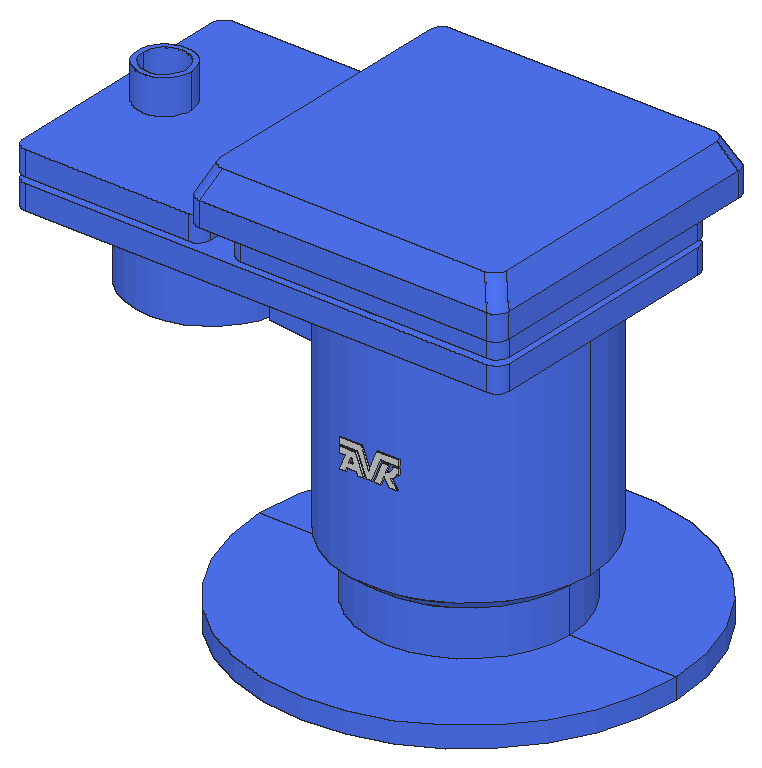
Revit family "851-45-001-DN50-200", category Pipe Accessories, Revit 2019
Family settings
  Round Connector Dimension = Use Diameter
  Part Type = Valve - Breaks Into
  Work Plane-Based = No
  Always vertical = Yes
  Cut with Voids When Loaded = No
  Shared = No
Parameters (values of type "DN200_PN16")
  W_ref_2 = W_ref * 1.1  # 233.75 mm
  W_ref = W / 1.2  # 212.5 mm
  W6 = size_lookup(Search_table, "W6", 0 mm, DN)  # 286 mm
  W1_ref = W1 / 1.15  # 110.435 mm
  W1 = size_lookup(Search_table, "W1", 0 mm, DN)  # 127 mm
  W = size_lookup(Search_table, "W", 0 mm, DN)  # 255 mm
  URL product pages = "https://www.avkvalves.com/P.aspx?no=85105045122000"
  Top_ref = Body_height + Bonnet_flange  # 270 mm
  Search_table = "851-45-001-DN50-200"
  RF_dia = size_lookup(Search_table, "RF_dia", 0 mm, DN) / 2  # 134 mm
  H3 = size_lookup(Search_table, "H3", 0 mm, DN)  # 345 mm
  Flange_dia = size_lookup(Search_table, "Flange_dia", 0 mm, DN) / 2  # 170 mm
  Fillet_thickness = 10 mm  # constant formula
  Description_ = "AVK DOUBLE ORIFICE AIR RELIEF VALVE"
  DN200_PN16 = "851-200-45-122000"
  DN150_PN10/16 = "851-150-45-122000"
  DN200_PN10 = "851-200-45-022000"
  DN100_PN10/16 = "851-100-45-122000"
  DN080_PN10/16 = "851-080-45-122000"
  DN050_PN10/16 = "851-050-45-122000"
  DN = 200.1 mm
  D_ref = D / 2  # 75 mm
  D = size_lookup(Search_table, "D", 0 mm, DN)  # 150 mm
  Bonnet_length = size_lookup(Search_table, "Bonnet_length", 0 mm, DN)  # 153 mm
  Bonnet_height = size_lookup(Search_table, "Bonnet_height", 0 mm, DN)  # 72 mm
  Bonnet_flange_2 = size_lookup(Search_table, "Bonnet_flange_2", 0 mm, DN)  # 28 mm
  Bonnet_flange = size_lookup(Search_table, "Bonnet_flange", 0 mm, DN)  # 20 mm
  Body_height_3 = Body_height_2 * 1.05  # 73.5 mm
  Body_height_2 = size_lookup(Search_table, "Body_height_2", 0 mm, DN)  # 70 mm
  Body_height_1 = size_lookup(Search_table, "Body_height_1", 0 mm, DN)  # 57 mm
  Body_height = size_lookup(Search_table, "Body_height", 0 mm, DN)  # 250 mm
  Body_dia_2 = size_lookup(Search_table, "Body_dia_2", 0 mm, DN)  # 63 mm
  Body_dia_1 = size_lookup(Search_table, "Body_dia_1", 0 mm, DN)  # 83 mm
  Body_dia = size_lookup(Search_table, "Body_dia", 0 mm, DN)  # 100 mm
Types (7, lengths in mm): name | W_ref_2 | W_ref | W6 | W1_ref | W1 | W | Top_ref | RF_dia | H3 | Flange_dia | DN | D_ref | D | Bonnet_length | Bonnet_height | Bonnet_flange_2 | Bonnet_flange | Body_height_3 | Body_height_2 | Body_height_1 | Body_height | Body_dia_2 | Body_dia_1 | Body_dia
  (no name) | 233.75 | 212.5 | 286 | 110.435 | 127 | 255 | 270 | 134 | 345 | 170 | 200.1 | 75 | 150 | 153 | 72 | 28 | 20 | 73.5 | 70 | 57 | 250 | 63 | 83 | 100
  DN050_PN10/16 | 151.25 | 137.5 | 220 | 71.304 | 82 | 165 | 217 | 51 | 277 | 82.5 | 50 | 25 | 50 | 140 | 79 | 19 | 13 | 141.75 | 135 | 88 | 204 | 56.5 | 31.5 | 57
  DN080_PN10/16 | 151.25 | 137.5 | 220 | 71.304 | 82 | 165 | 217 | 69 | 277 | 100 | 80 | 40 | 80 | 140 | 79 | 19 | 13 | 126 | 120 | 100 | 204 | 56.5 | 45.6 | 57
  DN100_PN10/16 | 187.917 | 170.833 | 248 | 88.696 | 102 | 205 | 217 | 79 | 283 | 110 | 100 | 50 | 100 | 140 | 80 | 25 | 13 | 67.2 | 64 | 51 | 204 | 57.5 | 57.5 | 80
  DN150_PN10/16 | 233.75 | 212.5 | 286 | 110.435 | 127 | 255 | 270 | 106 | 345 | 142.5 | 150 | 75 | 150 | 153 | 72 | 28 | 20 | 73.5 | 70 | 57 | 250 | 63 | 83 | 100
  DN200_PN10 | 233.75 | 212.5 | 286 | 110.435 | 127 | 255 | 270 | 134 | 345 | 170 | 200 | 75 | 150 | 153 | 72 | 28 | 20 | 73.5 | 70 | 57 | 250 | 63 | 83 | 100
  DN200_PN16 | 233.75 | 212.5 | 286 | 110.435 | 127 | 255 | 270 | 134 | 345 | 170 | 200.1 | 75 | 150 | 153 | 72 | 28 | 20 | 73.5 | 70 | 57 | 250 | 63 | 83 | 100
Reference planes
  plane 1 "Center (Front/Back)": y = 0
  plane 2: z = 0
  plane 3 "Center (Left/Right)": x = 0
  plane 4: z = 345
  plane 5: x = 127
  plane 6: x = -286
  plane 7: x = 110.435
  plane 8: y = 106.25
  plane 9: y = -106.25
  plane 10: x = -276
  plane 11: y = 96.25
  plane 12: y = -96.25
  plane 13: x = -276
  plane 14: x = 100.435
  plane 15: y = -96.25
  plane 16: x = 100.435
  plane 17: y = 96.25
  plane 18: z = 270
  plane 19: z = 250
  plane 20: z = 275
  plane 21: x = -82.783
  plane 22: x = 100.435
  plane 23: y = 96.25
  plane 24: y = -96.25
  plane 25: x = 100.435
  plane 26: y = 127.5
  plane 27: y = -127.5
  plane 28: x = -127
  plane 29: y = 117.5
  plane 30: x = 117
  plane 31: x = -117
  plane 32: y = 117.5
  plane 33: y = -117.5
  plane 34: x = 117
  plane 35: x = -117
  plane 36: y = -117.5
  plane 37: y = 116.875
  plane 38: y = -116.875
  plane 39: x = -116.875
  plane 40: x = 116.875
  plane 41: x = -106.875
  plane 42: y = 106.875
  plane 43: x = 106.875
  plane 44: y = 106.875
  plane 45: y = -106.875
  plane 46: x = 106.875
  plane 47: x = -106.875
  plane 48: y = -106.875
  plane 49: z = 303
  plane 50: x = -110.435
  plane 51: x = -100.435
  plane 52: y = 96.25
  plane 53: x = -100.435
  plane 54: y = -96.25
  plane 55: x = -133
  plane 56: y = 96.25
  plane 57: y = -96.25
  plane 58: x = -143
  plane 59: x = -143
  plane 60: z = 295
  plane 61: x = -133
  plane 62: x = -209.5
  plane 63: z = 178
  plane 64: x = -146.5
  plane 65: z = 163
  plane 66: y = 19
  plane 67: y = -19
  plane 68: x = -247.75
Forms (mm)
  Revolve 1, solid, material "Plastic"
    sketch origin (0, 0, 0) x (1, 0, 0) y (0, 0, 1)
      loop
        line (0, 0) -> (134, 0) -> (134, 3.046) -> (170, 3.046) -> (170, 20) -> (83, 20) -> (83, 57) -> (100, 70) -> (100, 275) -> (0, 275) -> (0, 0)
      axis (0, 0) -> (0, 275)
    angle from 0 to 360
  Extrusion 2, solid, material "Plastic"
    sketch origin (0, 0, 0) x (1, 0, 0) y (0, 1, 0)
      loop
        line (100.435, 106.25) -> (-276, 106.25)
        arc (-276, 106.25) -> (-283.071, 103.321) -> (-286, 96.25) r 10
        line (-286, 96.25) -> (-286, -96.25)
        arc (-286, -96.25) -> (-283.071, -103.321) -> (-276, -106.25) r 10
        line (-276, -106.25) -> (100.435, -106.25)
        arc (100.435, -106.25) -> (107.506, -103.321) -> (110.435, -96.25) r 10
        line (110.435, -96.25) -> (110.435, 96.25)
        arc (110.435, 96.25) -> (107.506, 103.321) -> (100.435, 106.25) r 10
    from 250 to 270
  Extrusion 3, solid, material "Plastic"
    sketch origin (0, 0, 0) x (1, 0, 0) y (0, 1, 0)
      loop
        line (100.435, 106.25) -> (-100.435, 106.25)
        arc (-100.435, 106.25) -> (-107.506, 103.321) -> (-110.435, 96.25) r 10
        line (-110.435, 96.25) -> (-110.435, -96.25)
        arc (-110.435, -96.25) -> (-107.506, -103.321) -> (-100.435, -106.25) r 10
        line (-100.435, -106.25) -> (100.435, -106.25)
        arc (100.435, -106.25) -> (107.506, -103.321) -> (110.435, -96.25) r 10
        line (110.435, -96.25) -> (110.435, 96.25)
        arc (110.435, 96.25) -> (107.506, 103.321) -> (100.435, 106.25) r 10
    from 275 to 303
  Extrusion 4, solid, material "Plastic"
    sketch origin (0, 0, 0) x (1, 0, 0) y (0, 1, 0)
      loop
        arc (-117, 127.5) -> (-124.071, 124.571) -> (-127, 117.5) r 10
        line (-127, 117.5) -> (-127, -117.5)
        arc (-127, -117.5) -> (-124.071, -124.571) -> (-117, -127.5) r 10
        line (-117, -127.5) -> (117, -127.5)
        arc (117, -127.5) -> (124.071, -124.571) -> (127, -117.5) r 10
        line (127, -117.5) -> (127, 117.5)
        arc (127, 117.5) -> (124.071, 124.571) -> (117, 127.5) r 10
        line (117, 127.5) -> (-117, 127.5)
    from 303 to 323
  SweptBlend 5, solid, material "Plastic"
    path origin (0, 0, 0) x (1, 0, 0) y (0, 0, 1)
      loop
        line (0, 323) -> (0, 345)
    profile origin (0, 0, 323) x (-1, 0, 0) y (0, -1, 0)
      loop
        line (-117, -127.5) -> (117, -127.5)
        arc (117, -127.5) -> (124.071, -124.571) -> (127, -117.5) r 10
        line (127, -117.5) -> (127, 117.5)
        arc (127, 117.5) -> (124.071, 124.571) -> (117, 127.5) r 10
        line (117, 127.5) -> (-117, 127.5)
        arc (-117, 127.5) -> (-124.071, 124.571) -> (-127, 117.5) r 10
        line (-127, 117.5) -> (-127, -117.5)
        arc (-127, -117.5) -> (-124.071, -124.571) -> (-117, -127.5) r 10
    end profile origin (0, 0, 345) x (-1, 0, 0) y (0, -1, 0)
      loop
        arc (106.875, -116.875) -> (113.946, -113.946) -> (116.875, -106.875) r 10
        line (116.875, -106.875) -> (116.875, 106.875)
        arc (116.875, 106.875) -> (113.946, 113.946) -> (106.875, 116.875) r 10
        line (106.875, 116.875) -> (-106.875, 116.875)
        arc (-106.875, 116.875) -> (-113.946, 113.946) -> (-116.875, 106.875) r 10
        line (-116.875, 106.875) -> (-116.875, -106.875)
        arc (-116.875, -106.875) -> (-113.946, -113.946) -> (-106.875, -116.875) r 10
        line (-106.875, -116.875) -> (106.875, -116.875)
  Extrusion 6, solid, material "Plastic"
    sketch origin (0, 0, 0) x (1, 0, 0) y (0, 1, 0)
      loop
        line (-276, -106.25) -> (-143, -106.25)
        arc (-143, -106.25) -> (-135.929, -103.321) -> (-133, -96.25) r 10
        line (-133, -96.25) -> (-133, 96.25)
        arc (-133, 96.25) -> (-135.929, 103.321) -> (-143, 106.25) r 10
        line (-143, 106.25) -> (-276, 106.25)
        arc (-276, 106.25) -> (-283.071, 103.321) -> (-286, 96.25) r 10
        line (-286, 96.25) -> (-286, -96.25)
        arc (-286, -96.25) -> (-283.071, -103.321) -> (-276, -106.25) r 10
    from 275 to 295
  Revolve 7, solid, material "Plastic"
    sketch origin (0, 0, 0) x (1, 0, 0) y (0, 0, 1)
      loop
        line (-209.5, 275) -> (-209.5, 178) -> (-146.5, 178) -> (-146.5, 275) -> (-209.5, 275)
      axis (-209.5, 178) -> (-209.5, 275)
    angle from 0 to 360
  Extrusion 8, solid, material "Plastic"
    sketch origin (0, 0, 0) x (1, 0, 0) y (0, 0, 1)
      loop
        line (-146.5, 250) -> (-146.5, 178) -> (0, 163) -> (0, 250) -> (-146.5, 250)
    from -19 to 19
  Extrusion 9, solid, material "Plastic"
    sketch origin (0, 0, 0) x (1, 0, 0) y (0, 1, 0)
      loop
        circle (-247.75, 0) r 22
      loop
        circle (-247.75, 0) r 18
    from 295 to 323
  Revolve 10, void
    sketch origin (0, 0, 0) x (1, 0, 0) y (0, 0, 1)
      loop
        line (0, 0) -> (75, 0) -> (75, 163) -> (0, 163) -> (0, 0)
      axis (0, 0) -> (0, 163)
    angle from 0 to 360
Cuts and joins
  Revolve 10 cuts Revolve 1
Dimensions and locks
  "RF_dia": Revolve 1 sketch curve to plane 3 "Center (Left/Right)"
  "Flange_dia": Revolve 1 sketch curve to plane 3 "Center (Left/Right)"
  locked: Revolve 1 sketch curve to level at 3.046
  "Body_height_1": Revolve 1 sketch curve to level
  "Body_height_2": Revolve 1 sketch curve to level
  "Body_dia_1": Revolve 1 sketch curve to plane 3 "Center (Left/Right)"
  "Body_dia": Revolve 1 sketch curve to plane 3 "Center (Left/Right)"
  "H3": plane 4 to level
  "W6": plane 6 to plane 3 "Center (Left/Right)"
  "W1": plane 3 "Center (Left/Right)" to plane 5
  "W1_ref": plane 3 "Center (Left/Right)" to plane 7
  equal spacing: plane 8, plane 1 "Center (Front/Back)", plane 9
  "W_ref": plane 8 to plane 9
  "Fillet_thickness": plane 6 to plane 10
  "Fillet_thickness": plane 16 to plane 7
  "Fillet_thickness": plane 9 to plane 12
  "Fillet_thickness": plane 6 to plane 13
  "Fillet_thickness": plane 14 to plane 7
  "Fillet_thickness": plane 15 to plane 9
  "Fillet_thickness": plane 8 to plane 17
  "Fillet_thickness": plane 11 to plane 8
  "Body_height": plane 19 to level
  "Top_ref": plane 18 to level
  locked: plane 20 to plane 18 at 5
  plane 6 to plane 7 = 396.435 mm
  "Fillet_thickness": plane 22 to plane 7
  "Fillet_thickness": plane 8 to plane 23
  "Fillet_thickness": plane 24 to plane 9
  "Fillet_thickness": plane 25 to plane 7
  plane 18 to plane 19 = 20 mm
  equal spacing: plane 26, plane 1 "Center (Front/Back)", plane 27
  "W": plane 26 to plane 27
  equal spacing: plane 28, plane 3 "Center (Left/Right)", plane 5
  "Fillet_thickness": plane 30 to plane 5
  "Fillet_thickness": plane 28 to plane 31
  "Fillet_thickness": plane 33 to plane 27
  "Fillet_thickness": plane 34 to plane 5
  "Fillet_thickness": plane 28 to plane 35
  "Fillet_thickness": plane 36 to plane 27
  "Fillet_thickness": plane 32 to plane 26
  "Fillet_thickness": plane 26 to plane 29
  equal spacing: plane 37, plane 1 "Center (Front/Back)", plane 38
  "W_ref_2": plane 37 to plane 38
  equal spacing: plane 39, plane 3 "Center (Left/Right)", plane 40
  "W_ref_2": plane 39 to plane 40
  "Fillet_thickness": plane 39 to plane 41
  "Fillet_thickness": plane 43 to plane 40
  "Fillet_thickness": plane 37 to plane 44
  "Fillet_thickness": plane 37 to plane 42
  "Fillet_thickness": plane 46 to plane 40
  "Fillet_thickness": plane 45 to plane 38
  "Fillet_thickness": plane 48 to plane 38
  "Fillet_thickness": plane 39 to plane 47
  "Bonnet_flange_2": plane 49 to plane 20
  "Bonnet_flange": Extrusion 4 to plane 49
  equal spacing: plane 50, plane 3 "Center (Left/Right)", plane 7
  "Fillet_thickness": plane 50 to plane 51
  "Fillet_thickness": plane 50 to plane 53
  "Fillet_thickness": plane 54 to plane 9
  "Fillet_thickness": plane 52 to plane 8
  "Fillet_thickness": plane 58 to plane 55
  "Fillet_thickness": plane 8 to plane 56
  "Fillet_thickness": plane 57 to plane 9
  "Fillet_thickness": plane 59 to plane 55
  "Bonnet_length": plane 6 to plane 55
  "Bonnet_flange": plane 60 to plane 20
  equal spacing: plane 61, plane 62, plane 6
  "Body_dia_2": plane 62 to Revolve 7 sketch curve
  "Bonnet_height": plane 19 to Revolve 7 sketch curve
  "Bonnet_height": plane 19 to plane 63
  "Body_dia_2": plane 62 to plane 64
  locked: plane 63 to plane 65 at 15
  equal spacing: plane 66, plane 1 "Center (Front/Back)", plane 67
  locked: plane 66 to plane 67 at 38
  equal spacing: plane 6, plane 68, plane 62
  equal spacing: plane 6, Extrusion 9 sketch curve, plane 62
  equal spacing: plane 8, Extrusion 9 sketch curve, plane 9
  "D_ref": Revolve 10 sketch curve to plane 3 "Center (Left/Right)"
  radius of Extrusion 9 sketch curve = 22 mm
  radius of Extrusion 9 sketch curve = 18 mm
  aligned and locked: level to plane 2
  aligned and locked: Revolve 1 sketch curve to plane 3 "Center (Left/Right)"
  aligned and locked: Revolve 1 sketch curve to Revolve 1 sketch curve
  aligned and locked: Revolve 1 sketch curve to level
  aligned and locked: plane 8 to Extrusion 2 sketch curve
  aligned and locked: Extrusion 2 sketch curve to plane 10
  aligned and locked: Extrusion 2 sketch curve to plane 11
  aligned and locked: plane 6 to Extrusion 2 sketch curve  (x2)
  aligned and locked: Extrusion 2 sketch curve to plane 12
  aligned and locked: plane 9 to Extrusion 2 sketch curve  (x2)
  aligned and locked: Extrusion 2 sketch curve to plane 13
  aligned and locked: Extrusion 2 sketch curve to plane 14
  aligned and locked: Extrusion 2 sketch curve to plane 15
  aligned and locked: plane 7 to Extrusion 2 sketch curve
  aligned and locked: plane 18 to Extrusion 2
  aligned and locked: Extrusion 2 to plane 19
  aligned and locked: plane 8 to Extrusion 3 sketch curve  (x2)
  aligned and locked: Extrusion 3 sketch curve to plane 25
  aligned and locked: plane 9 to Extrusion 3 sketch curve  (x2)
  aligned and locked: plane 7 to Extrusion 3 sketch curve  (x2)
  aligned and locked: Extrusion 3 sketch curve to plane 24
  aligned and locked: Extrusion 3 sketch curve to plane 23
  aligned and locked: Extrusion 3 sketch curve to plane 22
  aligned and locked: plane 20 to Extrusion 3
  aligned and locked: Extrusion 4 sketch curve to plane 36
  aligned and locked: Extrusion 4 sketch curve to plane 28
  aligned and locked: Extrusion 4 sketch curve to plane 35
  aligned and locked: plane 27 to Extrusion 4 sketch curve
  aligned and locked: Extrusion 4 sketch curve to plane 33
  aligned and locked: plane 5 to Extrusion 4 sketch curve
  aligned and locked: Extrusion 4 sketch curve to plane 27
  aligned and locked: Extrusion 4 sketch curve to plane 34
  aligned and locked: Extrusion 4 sketch curve to plane 32
  aligned and locked: plane 28 to Extrusion 4 sketch curve
  aligned and locked: Extrusion 4 sketch curve to plane 31
  aligned and locked: plane 26 to Extrusion 4 sketch curve
  aligned and locked: Extrusion 4 sketch curve to plane 30
  aligned and locked: Extrusion 4 sketch curve to plane 26
  aligned and locked: Extrusion 4 sketch curve to plane 29
  aligned and locked: Extrusion 4 sketch curve to plane 5
  aligned and locked: Extrusion 4 to Extrusion 3
  aligned and locked: plane 4 to SweptBlend 5 sketch curve
  aligned and locked: plane 3 "Center (Left/Right)" to SweptBlend 5 sketch curve
  aligned and locked: SweptBlend 5 sketch curve to Extrusion 4  (x4)
  aligned and locked: plane 41 to SweptBlend 5 sketch curve
  aligned and locked: plane 37 to SweptBlend 5 sketch curve
  aligned and locked: SweptBlend 5 sketch curve to plane 42
  aligned and locked: plane 39 to SweptBlend 5 sketch curve  (x2)
  aligned and locked: plane 43 to SweptBlend 5 sketch curve
  aligned and locked: SweptBlend 5 sketch curve to plane 37
  aligned and locked: SweptBlend 5 sketch curve to plane 44
  aligned and locked: plane 40 to SweptBlend 5 sketch curve  (x2)
  aligned and locked: SweptBlend 5 sketch curve to plane 45
  aligned and locked: SweptBlend 5 sketch curve to plane 46
  aligned and locked: SweptBlend 5 sketch curve to plane 38
  aligned and locked: plane 47 to SweptBlend 5 sketch curve
  aligned and locked: plane 38 to SweptBlend 5 sketch curve
  aligned and locked: SweptBlend 5 sketch curve to plane 48
  aligned and locked: plane 49 to Extrusion 3
  aligned and locked: Extrusion 4 to SweptBlend 5 sketch curve
  aligned and locked: plane 51 to Extrusion 3 sketch curve
  aligned and locked: plane 50 to Extrusion 3 sketch curve  (x2)
  aligned and locked: plane 52 to Extrusion 3 sketch curve
  aligned and locked: plane 54 to Extrusion 3 sketch curve
  aligned and locked: plane 53 to Extrusion 3 sketch curve
  aligned and locked: Extrusion 6 sketch curve to Extrusion 2  (x2)
  aligned and locked: Extrusion 2 to Extrusion 6 sketch curve
  aligned and locked: plane 55 to Extrusion 6 sketch curve  (x2)
  aligned and locked: Extrusion 6 sketch curve to plane 56
  aligned and locked: plane 58 to Extrusion 6 sketch curve
  aligned and locked: plane 57 to Extrusion 6 sketch curve
  aligned and locked: plane 59 to Extrusion 6 sketch curve
  aligned and locked: plane 9 to Extrusion 6 sketch curve
  aligned and locked: Extrusion 6 to plane 20
  aligned and locked: plane 60 to Extrusion 6
  aligned and locked: plane 61 to Extrusion 6
  aligned and locked: Revolve 7 sketch curve to plane 62
  aligned and locked: Revolve 7 sketch curve to Revolve 7 sketch curve
  aligned and locked: Extrusion 8 sketch curve to plane 19
  aligned and locked: Extrusion 8 sketch curve to plane 64
  aligned and locked: plane 3 "Center (Left/Right)" to Extrusion 8 sketch curve
  aligned and locked: plane 63 to Extrusion 8 sketch curve
  aligned and locked: plane 65 to Extrusion 8 sketch curve
  aligned and locked: Extrusion 8 to plane 66
  aligned and locked: plane 67 to Extrusion 8
  aligned and locked: Revolve 1 to plane 20
  aligned and locked: plane 20 to Revolve 7 sketch curve
  aligned and locked: plane 60 to Extrusion 9
  aligned and locked: nested 1 to plane 3 "Center (Left/Right)"
  aligned and locked: SweptBlend 5 to Extrusion 9
  aligned and locked: Revolve 10 sketch curve to Revolve 1
  aligned and locked: Revolve 10 sketch curve to plane 3 "Center (Left/Right)"
  aligned and locked: Revolve 10 sketch curve to plane 65
  aligned and locked: Revolve 10 sketch curve to Revolve 10 sketch curve
Automatic sketch dimensions
  Extrusion 9 sketch curve to Extrusion 9 sketch curve = 0 mm  (x2)
  Revolve 1 sketch curve to plane 20 = 0 mm
  Revolve 1 sketch curve to Revolve 1 sketch curve = 16.954 mm
  level to Revolve 1 sketch curve = 46 mm
  Revolve 1 sketch curve to Revolve 1 sketch curve = 20 mm
  plane 11 to Extrusion 2 sketch curve = 0 mm
  level to Revolve 7 sketch curve = 54.25 mm
  Revolve 7 sketch curve to Revolve 7 sketch curve = 20 mm
  Revolve 10 sketch curve to Revolve 10 sketch curve = 28.5 mm
  Revolve 10 sketch curve to plane 65 = 1.5 mm
Nested families
  nested 1: "LOGO - Copy - Copy" at (0, -100, 136.818) x (1, 0, 0) z (0, -1, 0), type "LOGO - Copy - Copy"
Connectors
  piping at (0, 0, 0), diameter 150, driven by "D"
    settings: on Revolve 1, index 1, connector inside diameter 609.6 mm, connector length 0 mm, flow factor 0, pipe flow 0.0 L/s, pressure drop 0.0 Pa, fitting loss kfactor 0, connector angle 0.00°, fixture units 0, engagement length 0 mm, angle of deflection 0.00°, flow configuration 0, flow direction 0, fitting loss method 0, system type 7, joint type 0, gender type 0, connector reference index -1, connector utility 0, adjustable connector no, is connector primary yes, connector description ""
Definition of nested family "LOGO - Copy - Copy"
  Parameters (values of type "LOGO - Copy - Copy")
    Default Elevation = 1219.2 mm
  Reference planes
    plane 1 "Center (Front/Back)": y = 0
    plane 2: z = 0
    plane 3 "Center (Left/Right)": x = 0
  Forms (mm)
    Extrusion 1, solid
      sketch origin (0, 0, 0) x (1, 0, 0) y (0, 1, 0)
        loop
          line (-1219.2, 1219.2) -> (-1219.2, -1219.2) -> (1219.2, -1219.2) -> (1219.2, 1219.2) -> (-1219.2, 1219.2)
      from 0 to -304.8
    Extrusion 2, solid
      sketch origin (0, 0, 0) x (1, 0, 0) y (0, 1, 0)
        loop
          line (-6.514, 34.224) -> (-24, 34.224) -> (-24, 29.481) -> (-9.766, 29.481) -> (-2.391, 11.367) -> (2.391, 11.367) -> (9.766, 29.481) -> (24, 29.481) -> (24, 34.224) -> (6.514, 34.224) -> (0, 18.224) -> (-6.514, 34.224)
        loop
          line (-10.996, 27.653) -> (-24, 27.653) -> (-24, 23.081) -> (-19.503, 23.081) -> (-24, 11.367) -> (-18.92, 11.367) -> (-17.955, 13.881) -> (-10.51, 13.881) -> (-9.486, 11.367) -> (-4.365, 11.367) -> (-10.996, 27.653)
        loop
          line (-16.777, 18.224) -> (-12.278, 18.224) -> (-14.594, 23.912) -> (-16.777, 18.224)
        loop
          line (4.365, 11.367) -> (9.486, 11.367) -> (12.093, 17.77) -> (16.918, 11.367) -> (22.857, 11.367) -> (17.399, 18.61)
          arc (17.399, 18.61) -> (20.583, 20.18) -> (22.629, 23.081) r 7.2
          line (22.629, 23.081) -> (24, 23.081) -> (24, 27.653) -> (19.429, 27.653)
          arc (19.429, 27.653) -> (17.763, 23.526) -> (13.699, 21.714) r 5.943
          line (13.699, 21.714) -> (16.117, 27.653) -> (10.996, 27.653) -> (4.365, 11.367)
      from 0 to 1
  Dimensions and locks
    aligned and locked: plane 2 to Extrusion 1
    aligned and locked: level to Extrusion 1
    aligned and locked: Extrusion 2 sketch curve to import instance
